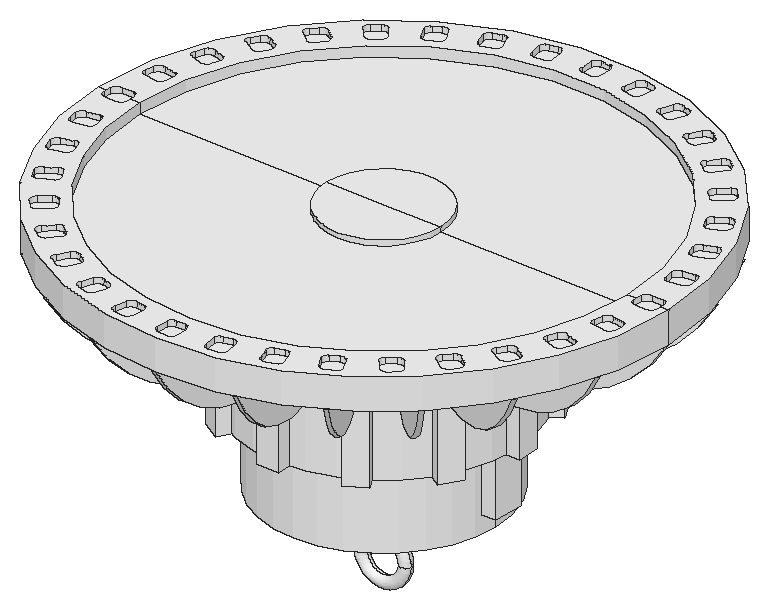
Revit family "CRB", category Lighting Fixtures, host Face, Revit 2021
Family settings
  Host = Face
  Round Connector Dimension = Use Diameter
  Part Type = Normal
  OmniClass Number = 23.80.70.11.14.11
  OmniClass Title = Downlights
  Cut with Voids When Loaded = No
  Light Source = No
  Shared = Yes
  Room Calculation Point = No
Parameters (values of type "CRB-40MX")
  Product Category = "High Bay/Low Bay"  # constant formula
  Surface Width [instance] = 3.65"
  Warranty = "5-Years Warranty"  # constant formula
  Voltage = 120 V
  Type Comments = "Lighting Fixture"  # constant formula
  Product Page URL = ""
  Product Documentation Link = ""
  Power Factor = 1
  Photometric Notes = "For more Photometric files please refer to the website"  # constant formula
  Wattage Comments = ""
  URL = "https://www.currentlighting.com/columbia"
  Mounting = "Pendant/Yoke Mount/ Suspended"  # constant formula
  Model = "Wer Location High Bay"  # constant formula
  Manufacturer = "Columbia Lighting"  # constant formula
  MX = yes
  MV = no
  Load Classification = Lighting
  Lamp = "LED"  # constant formula
  LX = no
  LED = LED - Material
  Glass = Glass - White
  Features = "• Compact wet location high bay\r\n• IP66 rated\r\n• Efficacy up to 143 lumens per watt\r\n• Durable die-cast aluminum housing and polycarbonate lens\r\n• Lumen packages from 14,000–34,000\r\n• 4000K and 5000K options and 80 CRI\r\n• -30°C to 50°C ambient operating temperature range"  # constant formula
  Dimming Protocol = "0-10V"  # constant formula
  Dia = 14.00"
  Description = "The CRB is a compact wet location high bay suitable for a variety of areas including warehouses, gyms, covered outdoor areas, garden centers, and mezzanines."  # constant formula
  Default Elevation = 48.00"
  Copyright = "Copyright © Columbia Lighting "  # constant formula
  Controls = "Occupancy & Photocell"  # constant formula
  Contact Us = ""
  Color Rendering Inde (CRI) = "80"  # constant formula
  Certification = "All luminaires are built to UL1598 standards, and bear appropriate\r\ncULus labels for wet location/IP65"  # constant formula
  Housing Material = Paint - White
  Assembly Code = "D5020200"
  Application = "Industrial/Warehouse/Mezzanine/Garden Center/Big Box Retail/Auditorium/Gymnasium"  # constant formula
  Apparent Load = 0 VA
Reference planes (in)
  plane 1 "Center (Front/Back)": y = 8.62124
  plane 2: z = 0
  plane 3 "Center (Left/Right)": x = 0
  plane 4: z = 8.54
  plane 5: x = -7
  plane 6: x = 7
  plane 7: y = 1.62124
  plane 8: y = 15.62124
Dimensions and locks (in)
  plane 4 to plane 2 = 8.54"
  "Dia": plane 6 to plane 5
  equal spacing: plane 6, plane 3 "Center (Left/Right)", plane 5
  equal spacing: plane 8, plane 1 "Center (Front/Back)", plane 7
  "Dia": plane 8 to plane 7
  aligned and locked: plane 2 to host face
  aligned and locked: level to host face
  aligned and locked: plane 3 "Center (Left/Right)" to nested 1
  aligned and locked: plane 1 "Center (Front/Back)" to nested 1
  aligned and locked: plane 1 "Center (Front/Back)" to nested 2
  aligned and locked: plane 3 "Center (Left/Right)" to nested 3
  aligned and locked: plane 1 "Center (Front/Back)" to nested 3
Automatic sketch dimensions
  host sketch curve to host sketch curve = 96.00"  (x2)
Nested families (in)
  nested 1: "MX" at (0, 8.62124, 0), visible <- "MX", type "MX1"
  nested 2: "MV" at (-0.01736, 8.62124, 0), visible <- "MV", type "MV1"
  nested 3: "LX" at (0, 8.62124, -0.75), visible <- "LX", type "LX1"
Connectors (in)
  electrical at (-0.0111, 8.64272, 2.27766), driven by "Power Factor", driven by "Apparent Load", driven by "Voltage", driven by "Load Classification"
    settings: on nested 1, index 1, voltage 120 V, apparent load 0 VA, apparent load phase1 0 VA, apparent load phase2 0 VA, apparent load phase3 0 VA, power factor 1, load classification "Lighting", number of poles 1, system type 30, power factor state 1, is connector primary yes, connector utility no, sub classification motor no, connector description "Lighting Connector"
Definition of nested family "MX"
  Parameters
    Wattage = 9.2903 W
    built-in parameter 1150110 = 1 (stored number, unit not read)
    built-in parameter 1114217 = 1 (stored number, unit not read)
    Tilt Angle = -90.00°
    built-in parameter 1150109 = 1 (stored number, unit not read)
    built-in parameter 1150134 = 3
    built-in parameter 1150113 = 1 (stored number, unit not read)
    Photometric Web File = "CRB-40MX-EDU.ies"
    built-in parameter 1150105 = 109.82 (stored number, unit not read)
    Lumens = 1380 lm
    built-in parameter 1150115 = 1 (stored number, unit not read)
    built-in parameter 1150137 = (empty or 0)
    built-in parameter 1150139 = (empty or 0)
    built-in parameter 1150112 = 1 (stored number, unit not read)
    built-in parameter 1150114 = 1 (stored number, unit not read)
    built-in parameter 1150132 = (empty or 0)
    built-in parameter 1150102 = (empty or 0)
    built-in parameter 1150107 = 3200 (stored number, unit not read)
    built-in parameter 1150138 = (empty or 0)
    built-in parameter 1150106 = 1.0982 (stored number, unit not read)
    Housing Material = none
    built-in parameter 1150104 = 13.8 (stored number, unit not read)
    Dimming Lamp Color Temperature Shift = (empty or 0)
    Default Elevation = 0.00"
    Color Filter = 16777215
    built-in parameter 1114218 = 1 (stored number, unit not read)
    built-in parameter 1150133 = 10 (stored number, unit not read)
  Reference planes (in)
    plane 1 "Center (Front/Back)": y = 0
    plane 2: z = 0
    plane 3 "Center (Left/Right)": x = 0
  Forms (in)
    Revolve 1, solid, material <- "Housing Material"
      sketch origin (-0.0111, -8.59976, 0.66852) x (1, 0, 0) y (0, 1, 0)
        loop
          circle (0.54012, 8.62124) r 0.1406
        axis (0, 8.62124) -> (0, 8.58187)
      angle from 0 to 360
    Revolve 2, solid, material <- "Housing Material"
      sketch origin (-0.0111, 0.02148, 0) x (1, 0, 0) y (0, 0, 1)
        loop
          line (0, 7.79) -> (7, 7.79) -> (7, 8.54) -> (6, 8.54) -> (6, 8.29) -> (1.40117, 8.29) -> (1.40117, 8.41275) -> (0, 8.41275) -> (0, 8.29) -> (0, 7.79)
        axis (0, 8.54) -> (0, 7.79)
      angle from 0 to 360
    Extrusion 3, solid, material <- "Housing Material"
      sketch origin (-0.0111, -8.59976, 0) x (0, 1, 0) y (0, 0, 1)
        loop
          line (5.49624, 7.29) -> (5.4141, 7.29)
          arc (5.4141, 7.29) -> (3.9671, 7.41595) -> (2.56362, 7.79) r 8.37521
          line (2.56362, 7.79) -> (1.62124, 7.79)
          arc (1.62124, 7.79) -> (3.272, 6.27813) -> (5.49624, 6.0261) r 3.61991
          line (5.49624, 6.0261) -> (5.49624, 7.29)
      from -0.1 to 0
    Extrusion 4, solid, material <- "Housing Material"
      sketch origin (2.22024, -8.306, 0) x (-0.258819, 0.965926, 0) y (0, 0, 1)
        loop
          line (5.49624, 7.29) -> (5.4141, 7.29)
          arc (5.4141, 7.29) -> (3.9671, 7.41595) -> (2.56362, 7.79) r 8.37521
          line (2.56362, 7.79) -> (1.62124, 7.79)
          arc (1.62124, 7.79) -> (3.272, 6.27813) -> (5.49624, 6.0261) r 3.61991
          line (5.49624, 6.0261) -> (5.49624, 7.29)
      from -0.1 to 0
    Extrusion 5, solid, material <- "Housing Material"
      sketch origin (4.29952, -7.44473, 0) x (-0.5, 0.866025, 0) y (0, 0, 1)
        loop
          line (5.49624, 7.29) -> (5.4141, 7.29)
          arc (5.4141, 7.29) -> (3.9671, 7.41595) -> (2.56362, 7.79) r 8.37521
          line (2.56362, 7.79) -> (1.62124, 7.79)
          arc (1.62124, 7.79) -> (3.272, 6.27813) -> (5.49624, 6.0261) r 3.61991
          line (5.49624, 6.0261) -> (5.49624, 7.29)
      from -0.1 to 0
    Extrusion 6, solid, material <- "Housing Material"
      sketch origin (6.08504, -6.07466, 0) x (-0.707107, 0.707107, 0) y (0, 0, 1)
        loop
          line (5.49624, 7.29) -> (5.4141, 7.29)
          arc (5.4141, 7.29) -> (3.9671, 7.41595) -> (2.56362, 7.79) r 8.37521
          line (2.56362, 7.79) -> (1.62124, 7.79)
          arc (1.62124, 7.79) -> (3.272, 6.27813) -> (5.49624, 6.0261) r 3.61991
          line (5.49624, 6.0261) -> (5.49624, 7.29)
      from -0.1 to 0
    Extrusion 7, solid, material <- "Housing Material"
      sketch origin (6.08504, -6.07466, 0) x (-0.707107, 0.707107, 0) y (0, 0, 1)
        loop
          line (5.49624, 7.29) -> (5.4141, 7.29)
          arc (5.4141, 7.29) -> (3.9671, 7.41595) -> (2.56362, 7.79) r 8.37521
          line (2.56362, 7.79) -> (1.62124, 7.79)
          arc (1.62124, 7.79) -> (3.272, 6.27813) -> (5.49624, 6.0261) r 3.61991
          line (5.49624, 6.0261) -> (5.49624, 7.29)
      from -0.1 to 0
    Extrusion 8, solid, material <- "Housing Material"
      sketch origin (7.45511, -4.28914, 0) x (-0.866025, 0.5, 0) y (0, 0, 1)
        loop
          line (5.49624, 7.29) -> (5.4141, 7.29)
          arc (5.4141, 7.29) -> (3.9671, 7.41595) -> (2.56362, 7.79) r 8.37521
          line (2.56362, 7.79) -> (1.62124, 7.79)
          arc (1.62124, 7.79) -> (3.272, 6.27813) -> (5.49624, 6.0261) r 3.61991
          line (5.49624, 6.0261) -> (5.49624, 7.29)
      from -0.1 to 0
    Extrusion 9, solid, material <- "Housing Material"
      sketch origin (8.31638, -2.20986, 0) x (-0.965926, 0.258819, 0) y (0, 0, 1)
        loop
          line (5.49624, 7.29) -> (5.4141, 7.29)
          arc (5.4141, 7.29) -> (3.9671, 7.41595) -> (2.56362, 7.79) r 8.37521
          line (2.56362, 7.79) -> (1.62124, 7.79)
          arc (1.62124, 7.79) -> (3.272, 6.27813) -> (5.49624, 6.0261) r 3.61991
          line (5.49624, 6.0261) -> (5.49624, 7.29)
      from -0.1 to 0
    Extrusion 10, solid, material <- "Housing Material"
      sketch origin (8.61014, 0.02148, 0) x (-1, 0, 0) y (0, 0, 1)
        loop
          line (5.49624, 7.29) -> (5.4141, 7.29)
          arc (5.4141, 7.29) -> (3.9671, 7.41595) -> (2.56362, 7.79) r 8.37521
          line (2.56362, 7.79) -> (1.62124, 7.79)
          arc (1.62124, 7.79) -> (3.272, 6.27813) -> (5.49624, 6.0261) r 3.61991
          line (5.49624, 6.0261) -> (5.49624, 7.29)
      from -0.1 to 0
    Extrusion 11, solid, material <- "Housing Material"
      sketch origin (8.61014, 0.02148, 0) x (-1, 0, 0) y (0, 0, 1)
        loop
          line (5.49624, 7.29) -> (5.4141, 7.29)
          arc (5.4141, 7.29) -> (3.9671, 7.41595) -> (2.56362, 7.79) r 8.37521
          line (2.56362, 7.79) -> (1.62124, 7.79)
          arc (1.62124, 7.79) -> (3.272, 6.27813) -> (5.49624, 6.0261) r 3.61991
          line (5.49624, 6.0261) -> (5.49624, 7.29)
      from -0.1 to 0
    Extrusion 12, solid, material <- "Housing Material"
      sketch origin (8.31638, 2.25282, 0) x (-0.965926, -0.258819, 0) y (0, 0, 1)
        loop
          line (5.49624, 7.29) -> (5.4141, 7.29)
          arc (5.4141, 7.29) -> (3.9671, 7.41595) -> (2.56362, 7.79) r 8.37521
          line (2.56362, 7.79) -> (1.62124, 7.79)
          arc (1.62124, 7.79) -> (3.272, 6.27813) -> (5.49624, 6.0261) r 3.61991
          line (5.49624, 6.0261) -> (5.49624, 7.29)
      from -0.1 to 0
    Extrusion 13, solid, material <- "Housing Material"
      sketch origin (7.45511, 4.3321, 0) x (-0.866025, -0.5, 0) y (0, 0, 1)
        loop
          line (5.49624, 7.29) -> (5.4141, 7.29)
          arc (5.4141, 7.29) -> (3.9671, 7.41595) -> (2.56362, 7.79) r 8.37521
          line (2.56362, 7.79) -> (1.62124, 7.79)
          arc (1.62124, 7.79) -> (3.272, 6.27813) -> (5.49624, 6.0261) r 3.61991
          line (5.49624, 6.0261) -> (5.49624, 7.29)
      from -0.1 to 0
    Extrusion 14, solid, material <- "Housing Material"
      sketch origin (6.08504, 6.11761, 0) x (-0.707107, -0.707107, 0) y (0, 0, 1)
        loop
          line (5.49624, 7.29) -> (5.4141, 7.29)
          arc (5.4141, 7.29) -> (3.9671, 7.41595) -> (2.56362, 7.79) r 8.37521
          line (2.56362, 7.79) -> (1.62124, 7.79)
          arc (1.62124, 7.79) -> (3.272, 6.27813) -> (5.49624, 6.0261) r 3.61991
          line (5.49624, 6.0261) -> (5.49624, 7.29)
      from -0.1 to 0
    Extrusion 15, solid, material <- "Housing Material"
      sketch origin (6.08504, 6.11761, 0) x (-0.707107, -0.707107, 0) y (0, 0, 1)
        loop
          line (5.49624, 7.29) -> (5.4141, 7.29)
          arc (5.4141, 7.29) -> (3.9671, 7.41595) -> (2.56362, 7.79) r 8.37521
          line (2.56362, 7.79) -> (1.62124, 7.79)
          arc (1.62124, 7.79) -> (3.272, 6.27813) -> (5.49624, 6.0261) r 3.61991
          line (5.49624, 6.0261) -> (5.49624, 7.29)
      from -0.1 to 0
    Extrusion 16, solid, material <- "Housing Material"
      sketch origin (4.29952, 7.48769, 0) x (-0.5, -0.866025, 0) y (0, 0, 1)
        loop
          line (5.49624, 7.29) -> (5.4141, 7.29)
          arc (5.4141, 7.29) -> (3.9671, 7.41595) -> (2.56362, 7.79) r 8.37521
          line (2.56362, 7.79) -> (1.62124, 7.79)
          arc (1.62124, 7.79) -> (3.272, 6.27813) -> (5.49624, 6.0261) r 3.61991
          line (5.49624, 6.0261) -> (5.49624, 7.29)
      from -0.1 to 0
    Extrusion 17, solid, material <- "Housing Material"
      sketch origin (2.22024, 8.34895, 0) x (-0.258819, -0.965926, 0) y (0, 0, 1)
        loop
          line (5.49624, 7.29) -> (5.4141, 7.29)
          arc (5.4141, 7.29) -> (3.9671, 7.41595) -> (2.56362, 7.79) r 8.37521
          line (2.56362, 7.79) -> (1.62124, 7.79)
          arc (1.62124, 7.79) -> (3.272, 6.27813) -> (5.49624, 6.0261) r 3.61991
          line (5.49624, 6.0261) -> (5.49624, 7.29)
      from -0.1 to 0
    Extrusion 18, solid, material <- "Housing Material"
      sketch origin (-0.0111, 8.64272, 0) x (0, -1, 0) y (0, 0, 1)
        loop
          line (5.49624, 7.29) -> (5.4141, 7.29)
          arc (5.4141, 7.29) -> (3.9671, 7.41595) -> (2.56362, 7.79) r 8.37521
          line (2.56362, 7.79) -> (1.62124, 7.79)
          arc (1.62124, 7.79) -> (3.272, 6.27813) -> (5.49624, 6.0261) r 3.61991
          line (5.49624, 6.0261) -> (5.49624, 7.29)
      from -0.1 to 0
    Extrusion 19, solid, material <- "Housing Material"
      sketch origin (-2.24244, -8.306, 0) x (0.258819, 0.965926, 0) y (0, 0, -1)
        loop
          line (5.49624, -7.29) -> (5.49624, -6.0261)
          arc (5.49624, -6.0261) -> (3.272, -6.27813) -> (1.62124, -7.79) r 3.61991
          line (1.62124, -7.79) -> (2.56362, -7.79)
          arc (2.56362, -7.79) -> (3.9671, -7.41595) -> (5.4141, -7.29) r 8.37521
          line (5.4141, -7.29) -> (5.49624, -7.29)
      from -0.1 to 0
    Extrusion 20, solid, material <- "Housing Material"
      sketch origin (-4.32172, -7.44473, 0) x (0.5, 0.866025, 0) y (0, 0, -1)
        loop
          line (5.49624, -7.29) -> (5.49624, -6.0261)
          arc (5.49624, -6.0261) -> (3.272, -6.27813) -> (1.62124, -7.79) r 3.61991
          line (1.62124, -7.79) -> (2.56362, -7.79)
          arc (2.56362, -7.79) -> (3.9671, -7.41595) -> (5.4141, -7.29) r 8.37521
          line (5.4141, -7.29) -> (5.49624, -7.29)
      from -0.1 to 0
    Extrusion 21, solid, material <- "Housing Material"
      sketch origin (-6.10723, -6.07466, 0) x (0.707107, 0.707107, 0) y (0, 0, -1)
        loop
          line (5.49624, -7.29) -> (5.49624, -6.0261)
          arc (5.49624, -6.0261) -> (3.272, -6.27813) -> (1.62124, -7.79) r 3.61991
          line (1.62124, -7.79) -> (2.56362, -7.79)
          arc (2.56362, -7.79) -> (3.9671, -7.41595) -> (5.4141, -7.29) r 8.37521
          line (5.4141, -7.29) -> (5.49624, -7.29)
      from -0.1 to 0
    Extrusion 22, solid, material <- "Housing Material"
      sketch origin (-6.10723, -6.07466, 0) x (0.707107, 0.707107, 0) y (0, 0, -1)
        loop
          line (5.49624, -7.29) -> (5.49624, -6.0261)
          arc (5.49624, -6.0261) -> (3.272, -6.27813) -> (1.62124, -7.79) r 3.61991
          line (1.62124, -7.79) -> (2.56362, -7.79)
          arc (2.56362, -7.79) -> (3.9671, -7.41595) -> (5.4141, -7.29) r 8.37521
          line (5.4141, -7.29) -> (5.49624, -7.29)
      from -0.1 to 0
    Extrusion 23, solid, material <- "Housing Material"
      sketch origin (-7.47731, -4.28914, 0) x (0.866025, 0.5, 0) y (0, 0, -1)
        loop
          line (5.49624, -7.29) -> (5.49624, -6.0261)
          arc (5.49624, -6.0261) -> (3.272, -6.27813) -> (1.62124, -7.79) r 3.61991
          line (1.62124, -7.79) -> (2.56362, -7.79)
          arc (2.56362, -7.79) -> (3.9671, -7.41595) -> (5.4141, -7.29) r 8.37521
          line (5.4141, -7.29) -> (5.49624, -7.29)
      from -0.1 to 0
    Extrusion 24, solid, material <- "Housing Material"
      sketch origin (-8.33857, -2.20986, 0) x (0.965926, 0.258819, 0) y (0, 0, -1)
        loop
          line (5.49624, -7.29) -> (5.49624, -6.0261)
          arc (5.49624, -6.0261) -> (3.272, -6.27813) -> (1.62124, -7.79) r 3.61991
          line (1.62124, -7.79) -> (2.56362, -7.79)
          arc (2.56362, -7.79) -> (3.9671, -7.41595) -> (5.4141, -7.29) r 8.37521
          line (5.4141, -7.29) -> (5.49624, -7.29)
      from -0.1 to 0
    Extrusion 25, solid, material <- "Housing Material"
      sketch origin (-8.63233, 0.02148, 0) x (1, 0, 0) y (0, 0, -1)
        loop
          line (5.49624, -7.29) -> (5.49624, -6.0261)
          arc (5.49624, -6.0261) -> (3.272, -6.27813) -> (1.62124, -7.79) r 3.61991
          line (1.62124, -7.79) -> (2.56362, -7.79)
          arc (2.56362, -7.79) -> (3.9671, -7.41595) -> (5.4141, -7.29) r 8.37521
          line (5.4141, -7.29) -> (5.49624, -7.29)
      from -0.1 to 0
    Extrusion 26, solid, material <- "Housing Material"
      sketch origin (-8.63233, 0.02148, 0) x (1, 0, 0) y (0, 0, -1)
        loop
          line (5.49624, -7.29) -> (5.49624, -6.0261)
          arc (5.49624, -6.0261) -> (3.272, -6.27813) -> (1.62124, -7.79) r 3.61991
          line (1.62124, -7.79) -> (2.56362, -7.79)
          arc (2.56362, -7.79) -> (3.9671, -7.41595) -> (5.4141, -7.29) r 8.37521
          line (5.4141, -7.29) -> (5.49624, -7.29)
      from -0.1 to 0
    Extrusion 27, solid, material <- "Housing Material"
      sketch origin (-8.33857, 2.25282, 0) x (0.965926, -0.258819, 0) y (0, 0, -1)
        loop
          line (5.49624, -7.29) -> (5.49624, -6.0261)
          arc (5.49624, -6.0261) -> (3.272, -6.27813) -> (1.62124, -7.79) r 3.61991
          line (1.62124, -7.79) -> (2.56362, -7.79)
          arc (2.56362, -7.79) -> (3.9671, -7.41595) -> (5.4141, -7.29) r 8.37521
          line (5.4141, -7.29) -> (5.49624, -7.29)
      from -0.1 to 0
    Extrusion 28, solid, material <- "Housing Material"
      sketch origin (-7.47731, 4.3321, 0) x (0.866025, -0.5, 0) y (0, 0, -1)
        loop
          line (5.49624, -7.29) -> (5.49624, -6.0261)
          arc (5.49624, -6.0261) -> (3.272, -6.27813) -> (1.62124, -7.79) r 3.61991
          line (1.62124, -7.79) -> (2.56362, -7.79)
          arc (2.56362, -7.79) -> (3.9671, -7.41595) -> (5.4141, -7.29) r 8.37521
          line (5.4141, -7.29) -> (5.49624, -7.29)
      from -0.1 to 0
    Extrusion 29, solid, material <- "Housing Material"
      sketch origin (-6.10723, 6.11761, 0) x (0.707107, -0.707107, 0) y (0, 0, -1)
        loop
          line (5.49624, -7.29) -> (5.49624, -6.0261)
          arc (5.49624, -6.0261) -> (3.272, -6.27813) -> (1.62124, -7.79) r 3.61991
          line (1.62124, -7.79) -> (2.56362, -7.79)
          arc (2.56362, -7.79) -> (3.9671, -7.41595) -> (5.4141, -7.29) r 8.37521
          line (5.4141, -7.29) -> (5.49624, -7.29)
      from -0.1 to 0
    Extrusion 30, solid, material <- "Housing Material"
      sketch origin (-6.10723, 6.11761, 0) x (0.707107, -0.707107, 0) y (0, 0, -1)
        loop
          line (5.49624, -7.29) -> (5.49624, -6.0261)
          arc (5.49624, -6.0261) -> (3.272, -6.27813) -> (1.62124, -7.79) r 3.61991
          line (1.62124, -7.79) -> (2.56362, -7.79)
          arc (2.56362, -7.79) -> (3.9671, -7.41595) -> (5.4141, -7.29) r 8.37521
          line (5.4141, -7.29) -> (5.49624, -7.29)
      from -0.1 to 0
    Extrusion 31, solid, material <- "Housing Material"
      sketch origin (-4.32172, 7.48769, 0) x (0.5, -0.866025, 0) y (0, 0, -1)
        loop
          line (5.49624, -7.29) -> (5.49624, -6.0261)
          arc (5.49624, -6.0261) -> (3.272, -6.27813) -> (1.62124, -7.79) r 3.61991
          line (1.62124, -7.79) -> (2.56362, -7.79)
          arc (2.56362, -7.79) -> (3.9671, -7.41595) -> (5.4141, -7.29) r 8.37521
          line (5.4141, -7.29) -> (5.49624, -7.29)
      from -0.1 to 0
    Extrusion 32, solid, material <- "Housing Material"
      sketch origin (-2.24244, 8.34895, 0) x (0.258819, -0.965926, 0) y (0, 0, -1)
        loop
          line (5.49624, -7.29) -> (5.49624, -6.0261)
          arc (5.49624, -6.0261) -> (3.272, -6.27813) -> (1.62124, -7.79) r 3.61991
          line (1.62124, -7.79) -> (2.56362, -7.79)
          arc (2.56362, -7.79) -> (3.9671, -7.41595) -> (5.4141, -7.29) r 8.37521
          line (5.4141, -7.29) -> (5.49624, -7.29)
      from -0.1 to 0
    Revolve 33, solid, material <- "Housing Material"
      sketch origin (-0.0111, 0.02148, 0) x (1, 0, 0) y (0, 0, 1)
        loop
          line (0, 1.06954) -> (0.23886, 1.06954) -> (0.5, 1.52186) -> (0.5, 2.27766) -> (2.75, 2.27766) -> (2.75, 4.16254) -> (3.25, 4.16254) -> (3.25, 7.75) -> (0, 7.75) -> (0, 1.06954)
        axis (0, 7.75) -> (0, 1.06954)
      angle from 0 to 360
    Extrusion 34, void
      sketch origin (-0.0111, -8.59976, 0) x (1, 0, 0) y (0, 1, 0)
        loop
          arc (-0.12065, 2.39636) -> (-0.21391, 2.35773) -> (-0.25254, 2.26447) r 0.13189
          line (-0.25254, 2.26447) -> (-0.25254, 1.97534)
          arc (-0.25254, 1.97534) -> (-0.20608, 1.86318) -> (-0.09392, 1.81672) r 0.15862
          line (-0.09392, 1.81672) -> (0.10853, 1.81672)
          arc (0.10853, 1.81672) -> (0.20677, 1.85741) -> (0.24746, 1.95565) r 0.13893
          line (0.24746, 1.95565) -> (0.24746, 2.24592)
          arc (0.24746, 2.24592) -> (0.20339, 2.3523) -> (0.09701, 2.39636) r 0.15044
          line (0.09701, 2.39636) -> (-0.12065, 2.39636)
      from 8.41275 to 8.54
    Extrusion 35, void
      sketch origin (1.48596, -8.46878, 0) x (0.984808, 0.173648, 0) y (-0.173648, 0.984808, 0)
        loop
          arc (-0.12065, 2.39636) -> (-0.21391, 2.35773) -> (-0.25254, 2.26447) r 0.13189
          line (-0.25254, 2.26447) -> (-0.25254, 1.97534)
          arc (-0.25254, 1.97534) -> (-0.20608, 1.86318) -> (-0.09392, 1.81672) r 0.15862
          line (-0.09392, 1.81672) -> (0.10853, 1.81672)
          arc (0.10853, 1.81672) -> (0.20677, 1.85741) -> (0.24746, 1.95565) r 0.13893
          line (0.24746, 1.95565) -> (0.24746, 2.24592)
          arc (0.24746, 2.24592) -> (0.20339, 2.3523) -> (0.09701, 2.39636) r 0.15044
          line (0.09701, 2.39636) -> (-0.12065, 2.39636)
      from 8.41275 to 8.54
    Extrusion 36, void
      sketch origin (2.93754, -8.07983, 0) x (0.939693, 0.34202, 0) y (-0.34202, 0.939693, 0)
        loop
          arc (-0.12065, 2.39636) -> (-0.21391, 2.35773) -> (-0.25254, 2.26447) r 0.13189
          line (-0.25254, 2.26447) -> (-0.25254, 1.97534)
          arc (-0.25254, 1.97534) -> (-0.20608, 1.86318) -> (-0.09392, 1.81672) r 0.15862
          line (-0.09392, 1.81672) -> (0.10853, 1.81672)
          arc (0.10853, 1.81672) -> (0.20677, 1.85741) -> (0.24746, 1.95565) r 0.13893
          line (0.24746, 1.95565) -> (0.24746, 2.24592)
          arc (0.24746, 2.24592) -> (0.20339, 2.3523) -> (0.09701, 2.39636) r 0.15044
          line (0.09701, 2.39636) -> (-0.12065, 2.39636)
      from 8.41275 to 8.54
    Extrusion 37, void
      sketch origin (4.29952, -7.44473, 0) x (0.866025, 0.5, 0) y (-0.5, 0.866025, 0)
        loop
          arc (-0.12065, 2.39636) -> (-0.21391, 2.35773) -> (-0.25254, 2.26447) r 0.13189
          line (-0.25254, 2.26447) -> (-0.25254, 1.97534)
          arc (-0.25254, 1.97534) -> (-0.20608, 1.86318) -> (-0.09392, 1.81672) r 0.15862
          line (-0.09392, 1.81672) -> (0.10853, 1.81672)
          arc (0.10853, 1.81672) -> (0.20677, 1.85741) -> (0.24746, 1.95565) r 0.13893
          line (0.24746, 1.95565) -> (0.24746, 2.24592)
          arc (0.24746, 2.24592) -> (0.20339, 2.3523) -> (0.09701, 2.39636) r 0.15044
          line (0.09701, 2.39636) -> (-0.12065, 2.39636)
      from 8.41275 to 8.54
    Extrusion 38, void
      sketch origin (5.53053, -6.58277, 0) x (0.766044, 0.642788, 0) y (-0.642788, 0.766044, 0)
        loop
          arc (-0.12065, 2.39636) -> (-0.21391, 2.35773) -> (-0.25254, 2.26447) r 0.13189
          line (-0.25254, 2.26447) -> (-0.25254, 1.97534)
          arc (-0.25254, 1.97534) -> (-0.20608, 1.86318) -> (-0.09392, 1.81672) r 0.15862
          line (-0.09392, 1.81672) -> (0.10853, 1.81672)
          arc (0.10853, 1.81672) -> (0.20677, 1.85741) -> (0.24746, 1.95565) r 0.13893
          line (0.24746, 1.95565) -> (0.24746, 2.24592)
          arc (0.24746, 2.24592) -> (0.20339, 2.3523) -> (0.09701, 2.39636) r 0.15044
          line (0.09701, 2.39636) -> (-0.12065, 2.39636)
      from 8.41275 to 8.54
    Extrusion 39, void
      sketch origin (6.59315, -5.52014, 0) x (0.642788, 0.766044, 0) y (-0.766044, 0.642788, 0)
        loop
          arc (-0.12065, 2.39636) -> (-0.21391, 2.35773) -> (-0.25254, 2.26447) r 0.13189
          line (-0.25254, 2.26447) -> (-0.25254, 1.97534)
          arc (-0.25254, 1.97534) -> (-0.20608, 1.86318) -> (-0.09392, 1.81672) r 0.15862
          line (-0.09392, 1.81672) -> (0.10853, 1.81672)
          arc (0.10853, 1.81672) -> (0.20677, 1.85741) -> (0.24746, 1.95565) r 0.13893
          line (0.24746, 1.95565) -> (0.24746, 2.24592)
          arc (0.24746, 2.24592) -> (0.20339, 2.3523) -> (0.09701, 2.39636) r 0.15044
          line (0.09701, 2.39636) -> (-0.12065, 2.39636)
      from 8.41275 to 8.54
    Extrusion 40, void
      sketch origin (7.45511, -4.28914, 0) x (0.5, 0.866025, 0) y (-0.866025, 0.5, 0)
        loop
          arc (-0.12065, 2.39636) -> (-0.21391, 2.35773) -> (-0.25254, 2.26447) r 0.13189
          line (-0.25254, 2.26447) -> (-0.25254, 1.97534)
          arc (-0.25254, 1.97534) -> (-0.20608, 1.86318) -> (-0.09392, 1.81672) r 0.15862
          line (-0.09392, 1.81672) -> (0.10853, 1.81672)
          arc (0.10853, 1.81672) -> (0.20677, 1.85741) -> (0.24746, 1.95565) r 0.13893
          line (0.24746, 1.95565) -> (0.24746, 2.24592)
          arc (0.24746, 2.24592) -> (0.20339, 2.3523) -> (0.09701, 2.39636) r 0.15044
          line (0.09701, 2.39636) -> (-0.12065, 2.39636)
      from 8.41275 to 8.54
    Extrusion 41, void
      sketch origin (8.09021, -2.92716, 0) x (0.34202, 0.939693, 0) y (-0.939693, 0.34202, 0)
        loop
          arc (-0.12065, 2.39636) -> (-0.21391, 2.35773) -> (-0.25254, 2.26447) r 0.13189
          line (-0.25254, 2.26447) -> (-0.25254, 1.97534)
          arc (-0.25254, 1.97534) -> (-0.20608, 1.86318) -> (-0.09392, 1.81672) r 0.15862
          line (-0.09392, 1.81672) -> (0.10853, 1.81672)
          arc (0.10853, 1.81672) -> (0.20677, 1.85741) -> (0.24746, 1.95565) r 0.13893
          line (0.24746, 1.95565) -> (0.24746, 2.24592)
          arc (0.24746, 2.24592) -> (0.20339, 2.3523) -> (0.09701, 2.39636) r 0.15044
          line (0.09701, 2.39636) -> (-0.12065, 2.39636)
      from 8.41275 to 8.54
    Extrusion 42, void
      sketch origin (7.45511, -4.28914, 0) x (0.5, 0.866025, 0) y (-0.866025, 0.5, 0)
        loop
          arc (-0.12065, 2.39636) -> (-0.21391, 2.35773) -> (-0.25254, 2.26447) r 0.13189
          line (-0.25254, 2.26447) -> (-0.25254, 1.97534)
          arc (-0.25254, 1.97534) -> (-0.20608, 1.86318) -> (-0.09392, 1.81672) r 0.15862
          line (-0.09392, 1.81672) -> (0.10853, 1.81672)
          arc (0.10853, 1.81672) -> (0.20677, 1.85741) -> (0.24746, 1.95565) r 0.13893
          line (0.24746, 1.95565) -> (0.24746, 2.24592)
          arc (0.24746, 2.24592) -> (0.20339, 2.3523) -> (0.09701, 2.39636) r 0.15044
          line (0.09701, 2.39636) -> (-0.12065, 2.39636)
      from 8.41275 to 8.54
    Extrusion 43, void
      sketch origin (8.09021, -2.92716, 0) x (0.34202, 0.939693, 0) y (-0.939693, 0.34202, 0)
        loop
          arc (-0.12065, 2.39636) -> (-0.21391, 2.35773) -> (-0.25254, 2.26447) r 0.13189
          line (-0.25254, 2.26447) -> (-0.25254, 1.97534)
          arc (-0.25254, 1.97534) -> (-0.20608, 1.86318) -> (-0.09392, 1.81672) r 0.15862
          line (-0.09392, 1.81672) -> (0.10853, 1.81672)
          arc (0.10853, 1.81672) -> (0.20677, 1.85741) -> (0.24746, 1.95565) r 0.13893
          line (0.24746, 1.95565) -> (0.24746, 2.24592)
          arc (0.24746, 2.24592) -> (0.20339, 2.3523) -> (0.09701, 2.39636) r 0.15044
          line (0.09701, 2.39636) -> (-0.12065, 2.39636)
      from 8.41275 to 8.54
    Extrusion 44, void
      sketch origin (8.47916, -1.47558, 0) x (0.173648, 0.984808, 0) y (-0.984808, 0.173648, 0)
        loop
          arc (-0.12065, 2.39636) -> (-0.21391, 2.35773) -> (-0.25254, 2.26447) r 0.13189
          line (-0.25254, 2.26447) -> (-0.25254, 1.97534)
          arc (-0.25254, 1.97534) -> (-0.20608, 1.86318) -> (-0.09392, 1.81672) r 0.15862
          line (-0.09392, 1.81672) -> (0.10853, 1.81672)
          arc (0.10853, 1.81672) -> (0.20677, 1.85741) -> (0.24746, 1.95565) r 0.13893
          line (0.24746, 1.95565) -> (0.24746, 2.24592)
          arc (0.24746, 2.24592) -> (0.20339, 2.3523) -> (0.09701, 2.39636) r 0.15044
          line (0.09701, 2.39636) -> (-0.12065, 2.39636)
      from 8.41275 to 8.54
    Extrusion 45, void
      sketch origin (8.61014, 0.02148, 0) x (0, 1, 0) y (-1, 0, 0)
        loop
          arc (-0.12065, 2.39636) -> (-0.21391, 2.35773) -> (-0.25254, 2.26447) r 0.13189
          line (-0.25254, 2.26447) -> (-0.25254, 1.97534)
          arc (-0.25254, 1.97534) -> (-0.20608, 1.86318) -> (-0.09392, 1.81672) r 0.15862
          line (-0.09392, 1.81672) -> (0.10853, 1.81672)
          arc (0.10853, 1.81672) -> (0.20677, 1.85741) -> (0.24746, 1.95565) r 0.13893
          line (0.24746, 1.95565) -> (0.24746, 2.24592)
          arc (0.24746, 2.24592) -> (0.20339, 2.3523) -> (0.09701, 2.39636) r 0.15044
          line (0.09701, 2.39636) -> (-0.12065, 2.39636)
      from 8.41275 to 8.54
    Extrusion 46, void
      sketch origin (8.47916, 1.51854, 0) x (-0.173648, 0.984808, 0) y (-0.984808, -0.173648, 0)
        loop
          arc (-0.12065, 2.39636) -> (-0.21391, 2.35773) -> (-0.25254, 2.26447) r 0.13189
          line (-0.25254, 2.26447) -> (-0.25254, 1.97534)
          arc (-0.25254, 1.97534) -> (-0.20608, 1.86318) -> (-0.09392, 1.81672) r 0.15862
          line (-0.09392, 1.81672) -> (0.10853, 1.81672)
          arc (0.10853, 1.81672) -> (0.20677, 1.85741) -> (0.24746, 1.95565) r 0.13893
          line (0.24746, 1.95565) -> (0.24746, 2.24592)
          arc (0.24746, 2.24592) -> (0.20339, 2.3523) -> (0.09701, 2.39636) r 0.15044
          line (0.09701, 2.39636) -> (-0.12065, 2.39636)
      from 8.41275 to 8.54
    Extrusion 47, void
      sketch origin (8.09021, 2.97012, 0) x (-0.34202, 0.939693, 0) y (-0.939693, -0.34202, 0)
        loop
          arc (-0.12065, 2.39636) -> (-0.21391, 2.35773) -> (-0.25254, 2.26447) r 0.13189
          line (-0.25254, 2.26447) -> (-0.25254, 1.97534)
          arc (-0.25254, 1.97534) -> (-0.20608, 1.86318) -> (-0.09392, 1.81672) r 0.15862
          line (-0.09392, 1.81672) -> (0.10853, 1.81672)
          arc (0.10853, 1.81672) -> (0.20677, 1.85741) -> (0.24746, 1.95565) r 0.13893
          line (0.24746, 1.95565) -> (0.24746, 2.24592)
          arc (0.24746, 2.24592) -> (0.20339, 2.3523) -> (0.09701, 2.39636) r 0.15044
          line (0.09701, 2.39636) -> (-0.12065, 2.39636)
      from 8.41275 to 8.54
    Extrusion 48, void
      sketch origin (7.45511, 4.3321, 0) x (-0.5, 0.866025, 0) y (-0.866025, -0.5, 0)
        loop
          arc (-0.12065, 2.39636) -> (-0.21391, 2.35773) -> (-0.25254, 2.26447) r 0.13189
          line (-0.25254, 2.26447) -> (-0.25254, 1.97534)
          arc (-0.25254, 1.97534) -> (-0.20608, 1.86318) -> (-0.09392, 1.81672) r 0.15862
          line (-0.09392, 1.81672) -> (0.10853, 1.81672)
          arc (0.10853, 1.81672) -> (0.20677, 1.85741) -> (0.24746, 1.95565) r 0.13893
          line (0.24746, 1.95565) -> (0.24746, 2.24592)
          arc (0.24746, 2.24592) -> (0.20339, 2.3523) -> (0.09701, 2.39636) r 0.15044
          line (0.09701, 2.39636) -> (-0.12065, 2.39636)
      from 8.41275 to 8.54
    Extrusion 49, void
      sketch origin (6.59315, 5.5631, 0) x (-0.642788, 0.766044, 0) y (-0.766044, -0.642788, 0)
        loop
          arc (-0.12065, 2.39636) -> (-0.21391, 2.35773) -> (-0.25254, 2.26447) r 0.13189
          line (-0.25254, 2.26447) -> (-0.25254, 1.97534)
          arc (-0.25254, 1.97534) -> (-0.20608, 1.86318) -> (-0.09392, 1.81672) r 0.15862
          line (-0.09392, 1.81672) -> (0.10853, 1.81672)
          arc (0.10853, 1.81672) -> (0.20677, 1.85741) -> (0.24746, 1.95565) r 0.13893
          line (0.24746, 1.95565) -> (0.24746, 2.24592)
          arc (0.24746, 2.24592) -> (0.20339, 2.3523) -> (0.09701, 2.39636) r 0.15044
          line (0.09701, 2.39636) -> (-0.12065, 2.39636)
      from 8.41275 to 8.54
    Extrusion 50, void
      sketch origin (-0.0111, 8.64272, 0) x (-1, 0, 0) y (0, -1, 0)
        loop
          arc (-0.12065, 2.39636) -> (-0.21391, 2.35773) -> (-0.25254, 2.26447) r 0.13189
          line (-0.25254, 2.26447) -> (-0.25254, 1.97534)
          arc (-0.25254, 1.97534) -> (-0.20608, 1.86318) -> (-0.09392, 1.81672) r 0.15862
          line (-0.09392, 1.81672) -> (0.10853, 1.81672)
          arc (0.10853, 1.81672) -> (0.20677, 1.85741) -> (0.24746, 1.95565) r 0.13893
          line (0.24746, 1.95565) -> (0.24746, 2.24592)
          arc (0.24746, 2.24592) -> (0.20339, 2.3523) -> (0.09701, 2.39636) r 0.15044
          line (0.09701, 2.39636) -> (-0.12065, 2.39636)
      from 8.41275 to 8.54
    Extrusion 51, void
      sketch origin (-1.50816, 8.51174, 0) x (-0.984808, -0.173648, 0) y (0.173648, -0.984808, 0)
        loop
          arc (-0.12065, 2.39636) -> (-0.21391, 2.35773) -> (-0.25254, 2.26447) r 0.13189
          line (-0.25254, 2.26447) -> (-0.25254, 1.97534)
          arc (-0.25254, 1.97534) -> (-0.20608, 1.86318) -> (-0.09392, 1.81672) r 0.15862
          line (-0.09392, 1.81672) -> (0.10853, 1.81672)
          arc (0.10853, 1.81672) -> (0.20677, 1.85741) -> (0.24746, 1.95565) r 0.13893
          line (0.24746, 1.95565) -> (0.24746, 2.24592)
          arc (0.24746, 2.24592) -> (0.20339, 2.3523) -> (0.09701, 2.39636) r 0.15044
          line (0.09701, 2.39636) -> (-0.12065, 2.39636)
      from 8.41275 to 8.54
    Extrusion 52, void
      sketch origin (-2.95973, 8.12279, 0) x (-0.939693, -0.34202, 0) y (0.34202, -0.939693, 0)
        loop
          arc (-0.12065, 2.39636) -> (-0.21391, 2.35773) -> (-0.25254, 2.26447) r 0.13189
          line (-0.25254, 2.26447) -> (-0.25254, 1.97534)
          arc (-0.25254, 1.97534) -> (-0.20608, 1.86318) -> (-0.09392, 1.81672) r 0.15862
          line (-0.09392, 1.81672) -> (0.10853, 1.81672)
          arc (0.10853, 1.81672) -> (0.20677, 1.85741) -> (0.24746, 1.95565) r 0.13893
          line (0.24746, 1.95565) -> (0.24746, 2.24592)
          arc (0.24746, 2.24592) -> (0.20339, 2.3523) -> (0.09701, 2.39636) r 0.15044
          line (0.09701, 2.39636) -> (-0.12065, 2.39636)
      from 8.41275 to 8.54
    Extrusion 53, void
      sketch origin (-4.32172, 7.48769, 0) x (-0.866025, -0.5, 0) y (0.5, -0.866025, 0)
        loop
          arc (-0.12065, 2.39636) -> (-0.21391, 2.35773) -> (-0.25254, 2.26447) r 0.13189
          line (-0.25254, 2.26447) -> (-0.25254, 1.97534)
          arc (-0.25254, 1.97534) -> (-0.20608, 1.86318) -> (-0.09392, 1.81672) r 0.15862
          line (-0.09392, 1.81672) -> (0.10853, 1.81672)
          arc (0.10853, 1.81672) -> (0.20677, 1.85741) -> (0.24746, 1.95565) r 0.13893
          line (0.24746, 1.95565) -> (0.24746, 2.24592)
          arc (0.24746, 2.24592) -> (0.20339, 2.3523) -> (0.09701, 2.39636) r 0.15044
          line (0.09701, 2.39636) -> (-0.12065, 2.39636)
      from 8.41275 to 8.54
    Extrusion 54, void
      sketch origin (-5.55272, 6.62573, 0) x (-0.766044, -0.642788, 0) y (0.642788, -0.766044, 0)
        loop
          arc (-0.12065, 2.39636) -> (-0.21391, 2.35773) -> (-0.25254, 2.26447) r 0.13189
          line (-0.25254, 2.26447) -> (-0.25254, 1.97534)
          arc (-0.25254, 1.97534) -> (-0.20608, 1.86318) -> (-0.09392, 1.81672) r 0.15862
          line (-0.09392, 1.81672) -> (0.10853, 1.81672)
          arc (0.10853, 1.81672) -> (0.20677, 1.85741) -> (0.24746, 1.95565) r 0.13893
          line (0.24746, 1.95565) -> (0.24746, 2.24592)
          arc (0.24746, 2.24592) -> (0.20339, 2.3523) -> (0.09701, 2.39636) r 0.15044
          line (0.09701, 2.39636) -> (-0.12065, 2.39636)
      from 8.41275 to 8.54
    Extrusion 55, void
      sketch origin (-6.61535, 5.5631, 0) x (-0.642788, -0.766044, 0) y (0.766044, -0.642788, 0)
        loop
          arc (-0.12065, 2.39636) -> (-0.21391, 2.35773) -> (-0.25254, 2.26447) r 0.13189
          line (-0.25254, 2.26447) -> (-0.25254, 1.97534)
          arc (-0.25254, 1.97534) -> (-0.20608, 1.86318) -> (-0.09392, 1.81672) r 0.15862
          line (-0.09392, 1.81672) -> (0.10853, 1.81672)
          arc (0.10853, 1.81672) -> (0.20677, 1.85741) -> (0.24746, 1.95565) r 0.13893
          line (0.24746, 1.95565) -> (0.24746, 2.24592)
          arc (0.24746, 2.24592) -> (0.20339, 2.3523) -> (0.09701, 2.39636) r 0.15044
          line (0.09701, 2.39636) -> (-0.12065, 2.39636)
      from 8.41275 to 8.54
    Extrusion 56, void
      sketch origin (-7.47731, 4.3321, 0) x (-0.5, -0.866025, 0) y (0.866025, -0.5, 0)
        loop
          arc (-0.12065, 2.39636) -> (-0.21391, 2.35773) -> (-0.25254, 2.26447) r 0.13189
          line (-0.25254, 2.26447) -> (-0.25254, 1.97534)
          arc (-0.25254, 1.97534) -> (-0.20608, 1.86318) -> (-0.09392, 1.81672) r 0.15862
          line (-0.09392, 1.81672) -> (0.10853, 1.81672)
          arc (0.10853, 1.81672) -> (0.20677, 1.85741) -> (0.24746, 1.95565) r 0.13893
          line (0.24746, 1.95565) -> (0.24746, 2.24592)
          arc (0.24746, 2.24592) -> (0.20339, 2.3523) -> (0.09701, 2.39636) r 0.15044
          line (0.09701, 2.39636) -> (-0.12065, 2.39636)
      from 8.41275 to 8.54
    Extrusion 57, void
      sketch origin (-8.11241, 2.97012, 0) x (-0.34202, -0.939693, 0) y (0.939693, -0.34202, 0)
        loop
          arc (-0.12065, 2.39636) -> (-0.21391, 2.35773) -> (-0.25254, 2.26447) r 0.13189
          line (-0.25254, 2.26447) -> (-0.25254, 1.97534)
          arc (-0.25254, 1.97534) -> (-0.20608, 1.86318) -> (-0.09392, 1.81672) r 0.15862
          line (-0.09392, 1.81672) -> (0.10853, 1.81672)
          arc (0.10853, 1.81672) -> (0.20677, 1.85741) -> (0.24746, 1.95565) r 0.13893
          line (0.24746, 1.95565) -> (0.24746, 2.24592)
          arc (0.24746, 2.24592) -> (0.20339, 2.3523) -> (0.09701, 2.39636) r 0.15044
          line (0.09701, 2.39636) -> (-0.12065, 2.39636)
      from 8.41275 to 8.54
    Extrusion 58, void
      sketch origin (-8.50136, 1.51854, 0) x (-0.173648, -0.984808, 0) y (0.984808, -0.173648, 0)
        loop
          arc (-0.12065, 2.39636) -> (-0.21391, 2.35773) -> (-0.25254, 2.26447) r 0.13189
          line (-0.25254, 2.26447) -> (-0.25254, 1.97534)
          arc (-0.25254, 1.97534) -> (-0.20608, 1.86318) -> (-0.09392, 1.81672) r 0.15862
          line (-0.09392, 1.81672) -> (0.10853, 1.81672)
          arc (0.10853, 1.81672) -> (0.20677, 1.85741) -> (0.24746, 1.95565) r 0.13893
          line (0.24746, 1.95565) -> (0.24746, 2.24592)
          arc (0.24746, 2.24592) -> (0.20339, 2.3523) -> (0.09701, 2.39636) r 0.15044
          line (0.09701, 2.39636) -> (-0.12065, 2.39636)
      from 8.41275 to 8.54
    Extrusion 59, void
      sketch origin (-8.63233, 0.02148, 0) x (0, -1, 0) y (1, 0, 0)
        loop
          arc (-0.12065, 2.39636) -> (-0.21391, 2.35773) -> (-0.25254, 2.26447) r 0.13189
          line (-0.25254, 2.26447) -> (-0.25254, 1.97534)
          arc (-0.25254, 1.97534) -> (-0.20608, 1.86318) -> (-0.09392, 1.81672) r 0.15862
          line (-0.09392, 1.81672) -> (0.10853, 1.81672)
          arc (0.10853, 1.81672) -> (0.20677, 1.85741) -> (0.24746, 1.95565) r 0.13893
          line (0.24746, 1.95565) -> (0.24746, 2.24592)
          arc (0.24746, 2.24592) -> (0.20339, 2.3523) -> (0.09701, 2.39636) r 0.15044
          line (0.09701, 2.39636) -> (-0.12065, 2.39636)
      from 8.41275 to 8.54
    Extrusion 60, void
      sketch origin (-8.50136, -1.47558, 0) x (0.173648, -0.984808, 0) y (0.984808, 0.173648, 0)
        loop
          arc (-0.12065, 2.39636) -> (-0.21391, 2.35773) -> (-0.25254, 2.26447) r 0.13189
          line (-0.25254, 2.26447) -> (-0.25254, 1.97534)
          arc (-0.25254, 1.97534) -> (-0.20608, 1.86318) -> (-0.09392, 1.81672) r 0.15862
          line (-0.09392, 1.81672) -> (0.10853, 1.81672)
          arc (0.10853, 1.81672) -> (0.20677, 1.85741) -> (0.24746, 1.95565) r 0.13893
          line (0.24746, 1.95565) -> (0.24746, 2.24592)
          arc (0.24746, 2.24592) -> (0.20339, 2.3523) -> (0.09701, 2.39636) r 0.15044
          line (0.09701, 2.39636) -> (-0.12065, 2.39636)
      from 8.41275 to 8.54
    Extrusion 61, void
      sketch origin (-8.11241, -2.92716, 0) x (0.34202, -0.939693, 0) y (0.939693, 0.34202, 0)
        loop
          arc (-0.12065, 2.39636) -> (-0.21391, 2.35773) -> (-0.25254, 2.26447) r 0.13189
          line (-0.25254, 2.26447) -> (-0.25254, 1.97534)
          arc (-0.25254, 1.97534) -> (-0.20608, 1.86318) -> (-0.09392, 1.81672) r 0.15862
          line (-0.09392, 1.81672) -> (0.10853, 1.81672)
          arc (0.10853, 1.81672) -> (0.20677, 1.85741) -> (0.24746, 1.95565) r 0.13893
          line (0.24746, 1.95565) -> (0.24746, 2.24592)
          arc (0.24746, 2.24592) -> (0.20339, 2.3523) -> (0.09701, 2.39636) r 0.15044
          line (0.09701, 2.39636) -> (-0.12065, 2.39636)
      from 8.41275 to 8.54
    Extrusion 62, void
      sketch origin (-7.47731, -4.28914, 0) x (0.5, -0.866025, 0) y (0.866025, 0.5, 0)
        loop
          arc (-0.12065, 2.39636) -> (-0.21391, 2.35773) -> (-0.25254, 2.26447) r 0.13189
          line (-0.25254, 2.26447) -> (-0.25254, 1.97534)
          arc (-0.25254, 1.97534) -> (-0.20608, 1.86318) -> (-0.09392, 1.81672) r 0.15862
          line (-0.09392, 1.81672) -> (0.10853, 1.81672)
          arc (0.10853, 1.81672) -> (0.20677, 1.85741) -> (0.24746, 1.95565) r 0.13893
          line (0.24746, 1.95565) -> (0.24746, 2.24592)
          arc (0.24746, 2.24592) -> (0.20339, 2.3523) -> (0.09701, 2.39636) r 0.15044
          line (0.09701, 2.39636) -> (-0.12065, 2.39636)
      from 8.41275 to 8.54
    Extrusion 63, void
      sketch origin (-6.61535, -5.52014, 0) x (0.642788, -0.766044, 0) y (0.766044, 0.642788, 0)
        loop
          arc (-0.12065, 2.39636) -> (-0.21391, 2.35773) -> (-0.25254, 2.26447) r 0.13189
          line (-0.25254, 2.26447) -> (-0.25254, 1.97534)
          arc (-0.25254, 1.97534) -> (-0.20608, 1.86318) -> (-0.09392, 1.81672) r 0.15862
          line (-0.09392, 1.81672) -> (0.10853, 1.81672)
          arc (0.10853, 1.81672) -> (0.20677, 1.85741) -> (0.24746, 1.95565) r 0.13893
          line (0.24746, 1.95565) -> (0.24746, 2.24592)
          arc (0.24746, 2.24592) -> (0.20339, 2.3523) -> (0.09701, 2.39636) r 0.15044
          line (0.09701, 2.39636) -> (-0.12065, 2.39636)
      from 8.41275 to 8.54
    Extrusion 64, void
      sketch origin (1.48596, 8.51174, 0) x (0.984808, -0.173648, 0) y (0.173648, 0.984808, 0)
        loop
          line (-0.12065, -2.39636) -> (0.09701, -2.39636)
          arc (0.09701, -2.39636) -> (0.20339, -2.3523) -> (0.24746, -2.24592) r 0.15044
          line (0.24746, -2.24592) -> (0.24746, -1.95565)
          arc (0.24746, -1.95565) -> (0.20677, -1.85741) -> (0.10853, -1.81672) r 0.13893
          line (0.10853, -1.81672) -> (-0.09392, -1.81672)
          arc (-0.09392, -1.81672) -> (-0.20608, -1.86318) -> (-0.25254, -1.97534) r 0.15862
          line (-0.25254, -1.97534) -> (-0.25254, -2.26447)
          arc (-0.25254, -2.26447) -> (-0.21391, -2.35773) -> (-0.12065, -2.39636) r 0.13189
      from 8.41275 to 8.54
    Extrusion 65, void
      sketch origin (2.93754, 8.12279, 0) x (0.939693, -0.34202, 0) y (0.34202, 0.939693, 0)
        loop
          line (-0.12065, -2.39636) -> (0.09701, -2.39636)
          arc (0.09701, -2.39636) -> (0.20339, -2.3523) -> (0.24746, -2.24592) r 0.15044
          line (0.24746, -2.24592) -> (0.24746, -1.95565)
          arc (0.24746, -1.95565) -> (0.20677, -1.85741) -> (0.10853, -1.81672) r 0.13893
          line (0.10853, -1.81672) -> (-0.09392, -1.81672)
          arc (-0.09392, -1.81672) -> (-0.20608, -1.86318) -> (-0.25254, -1.97534) r 0.15862
          line (-0.25254, -1.97534) -> (-0.25254, -2.26447)
          arc (-0.25254, -2.26447) -> (-0.21391, -2.35773) -> (-0.12065, -2.39636) r 0.13189
      from 8.41275 to 8.54
    Extrusion 66, void
      sketch origin (4.29952, 7.48769, 0) x (0.866025, -0.5, 0) y (0.5, 0.866025, 0)
        loop
          line (-0.12065, -2.39636) -> (0.09701, -2.39636)
          arc (0.09701, -2.39636) -> (0.20339, -2.3523) -> (0.24746, -2.24592) r 0.15044
          line (0.24746, -2.24592) -> (0.24746, -1.95565)
          arc (0.24746, -1.95565) -> (0.20677, -1.85741) -> (0.10853, -1.81672) r 0.13893
          line (0.10853, -1.81672) -> (-0.09392, -1.81672)
          arc (-0.09392, -1.81672) -> (-0.20608, -1.86318) -> (-0.25254, -1.97534) r 0.15862
          line (-0.25254, -1.97534) -> (-0.25254, -2.26447)
          arc (-0.25254, -2.26447) -> (-0.21391, -2.35773) -> (-0.12065, -2.39636) r 0.13189
      from 8.41275 to 8.54
    Extrusion 67, void
      sketch origin (5.53053, 6.62573, 0) x (0.766044, -0.642788, 0) y (0.642788, 0.766044, 0)
        loop
          line (-0.12065, -2.39636) -> (0.09701, -2.39636)
          arc (0.09701, -2.39636) -> (0.20339, -2.3523) -> (0.24746, -2.24592) r 0.15044
          line (0.24746, -2.24592) -> (0.24746, -1.95565)
          arc (0.24746, -1.95565) -> (0.20677, -1.85741) -> (0.10853, -1.81672) r 0.13893
          line (0.10853, -1.81672) -> (-0.09392, -1.81672)
          arc (-0.09392, -1.81672) -> (-0.20608, -1.86318) -> (-0.25254, -1.97534) r 0.15862
          line (-0.25254, -1.97534) -> (-0.25254, -2.26447)
          arc (-0.25254, -2.26447) -> (-0.21391, -2.35773) -> (-0.12065, -2.39636) r 0.13189
      from 8.41275 to 8.54
    Extrusion 68, void
      sketch origin (-1.50816, -8.46878, 0) x (-0.984808, 0.173648, 0) y (-0.173648, -0.984808, 0)
        loop
          line (-0.12065, -2.39636) -> (0.09701, -2.39636)
          arc (0.09701, -2.39636) -> (0.20339, -2.3523) -> (0.24746, -2.24592) r 0.15044
          line (0.24746, -2.24592) -> (0.24746, -1.95565)
          arc (0.24746, -1.95565) -> (0.20677, -1.85741) -> (0.10853, -1.81672) r 0.13893
          line (0.10853, -1.81672) -> (-0.09392, -1.81672)
          arc (-0.09392, -1.81672) -> (-0.20608, -1.86318) -> (-0.25254, -1.97534) r 0.15862
          line (-0.25254, -1.97534) -> (-0.25254, -2.26447)
          arc (-0.25254, -2.26447) -> (-0.21391, -2.35773) -> (-0.12065, -2.39636) r 0.13189
      from 8.41275 to 8.54
    Extrusion 69, void
      sketch origin (-2.95973, -8.07983, 0) x (-0.939693, 0.34202, 0) y (-0.34202, -0.939693, 0)
        loop
          line (-0.12065, -2.39636) -> (0.09701, -2.39636)
          arc (0.09701, -2.39636) -> (0.20339, -2.3523) -> (0.24746, -2.24592) r 0.15044
          line (0.24746, -2.24592) -> (0.24746, -1.95565)
          arc (0.24746, -1.95565) -> (0.20677, -1.85741) -> (0.10853, -1.81672) r 0.13893
          line (0.10853, -1.81672) -> (-0.09392, -1.81672)
          arc (-0.09392, -1.81672) -> (-0.20608, -1.86318) -> (-0.25254, -1.97534) r 0.15862
          line (-0.25254, -1.97534) -> (-0.25254, -2.26447)
          arc (-0.25254, -2.26447) -> (-0.21391, -2.35773) -> (-0.12065, -2.39636) r 0.13189
      from 8.41275 to 8.54
    Extrusion 70, void
      sketch origin (-4.32172, -7.44473, 0) x (-0.866025, 0.5, 0) y (-0.5, -0.866025, 0)
        loop
          line (-0.12065, -2.39636) -> (0.09701, -2.39636)
          arc (0.09701, -2.39636) -> (0.20339, -2.3523) -> (0.24746, -2.24592) r 0.15044
          line (0.24746, -2.24592) -> (0.24746, -1.95565)
          arc (0.24746, -1.95565) -> (0.20677, -1.85741) -> (0.10853, -1.81672) r 0.13893
          line (0.10853, -1.81672) -> (-0.09392, -1.81672)
          arc (-0.09392, -1.81672) -> (-0.20608, -1.86318) -> (-0.25254, -1.97534) r 0.15862
          line (-0.25254, -1.97534) -> (-0.25254, -2.26447)
          arc (-0.25254, -2.26447) -> (-0.21391, -2.35773) -> (-0.12065, -2.39636) r 0.13189
      from 8.41275 to 8.54
    Extrusion 71, void
      sketch origin (-5.55272, -6.58277, 0) x (-0.766044, 0.642788, 0) y (-0.642788, -0.766044, 0)
        loop
          line (-0.12065, -2.39636) -> (0.09701, -2.39636)
          arc (0.09701, -2.39636) -> (0.20339, -2.3523) -> (0.24746, -2.24592) r 0.15044
          line (0.24746, -2.24592) -> (0.24746, -1.95565)
          arc (0.24746, -1.95565) -> (0.20677, -1.85741) -> (0.10853, -1.81672) r 0.13893
          line (0.10853, -1.81672) -> (-0.09392, -1.81672)
          arc (-0.09392, -1.81672) -> (-0.20608, -1.86318) -> (-0.25254, -1.97534) r 0.15862
          line (-0.25254, -1.97534) -> (-0.25254, -2.26447)
          arc (-0.25254, -2.26447) -> (-0.21391, -2.35773) -> (-0.12065, -2.39636) r 0.13189
      from 8.41275 to 8.54
    Extrusion 72, solid, material <- "Housing Material"
      sketch origin (-0.0111, -8.59976, 0) x (1, 0, 0) y (0, 1, 0)
        loop
          line (2.72075, 8.22121) -> (3.07676, 8.22121)
          arc (3.07676, 8.22121) -> (3.10602, 8.58066) -> (3.10062, 8.94126) r 3.75
          line (3.10062, 8.94126) -> (2.73132, 8.94126)
          arc (2.73132, 8.94126) -> (2.7497, 8.58089) -> (2.72075, 8.22121) r 2.75
        loop
          line (-2.72075, 9.02126) -> (-3.07512, 9.02126)
          arc (-3.07512, 9.02126) -> (-3.10092, 8.66164) -> (-3.09206, 8.30121) r 3.75
          line (-3.09206, 8.30121) -> (-2.73132, 8.30121)
          arc (-2.73132, 8.30121) -> (-2.7497, 8.66158) -> (-2.72075, 9.02126) r 2.75
      from 2.72116 to 4.16254
    Extrusion 73, solid, material <- "Housing Material"
      sketch origin (-0.0111, -8.59976, 0) x (1, 0, 0) y (0, 1, 0)
        loop
          arc (0.25895, 5.38157) -> (-0.01297, 5.37126) -> (-0.2848, 5.38374) r 3.25
          line (-0.2848, 5.38374) -> (-0.2848, 5.06377)
          arc (-0.2848, 5.06377) -> (-0.01296, 5.05251) -> (0.25895, 5.06181) r 3.6
          line (0.25895, 5.06181) -> (0.25895, 5.38157)
        loop
          line (0.25895, 11.8609) -> (0.25895, 12.18066)
          arc (0.25895, 12.18066) -> (-0.01296, 12.18996) -> (-0.2848, 12.1787) r 3.6
          line (-0.2848, 12.1787) -> (-0.2848, 11.85873)
          arc (-0.2848, 11.85873) -> (-0.01297, 11.87121) -> (0.25895, 11.8609) r 3.25
        loop
          arc (-1.39731, 5.67967) -> (-1.63795, 5.8067) -> (-1.86712, 5.95342) r 3.25
          line (-1.86712, 5.95342) -> (-2.02711, 5.67632)
          arc (-2.02711, 5.67632) -> (-1.79732, 5.53065) -> (-1.55718, 5.40275) r 3.6
          line (-1.55718, 5.40275) -> (-1.39731, 5.67967)
        loop
          line (1.84236, 11.29093) -> (2.00224, 11.56785)
          arc (2.00224, 11.56785) -> (1.77141, 11.71186) -> (1.53036, 11.83803) r 3.6
          line (1.53036, 11.83803) -> (1.37037, 11.56093)
          arc (1.37037, 11.56093) -> (1.61202, 11.43582) -> (1.84236, 11.29093) r 3.25
        loop
          arc (-2.68213, 6.76608) -> (-2.82702, 6.99642) -> (-2.95213, 7.23807) r 3.25
          line (-2.95213, 7.23807) -> (-3.22923, 7.07809)
          arc (-3.22923, 7.07809) -> (-3.10306, 6.83704) -> (-2.95905, 6.6062) r 3.6
          line (-2.95905, 6.6062) -> (-2.68213, 6.76608)
        loop
          line (2.92914, 10.00575) -> (3.20606, 10.16563)
          arc (3.20606, 10.16563) -> (3.07816, 10.40576) -> (2.93249, 10.63555) r 3.6
          line (2.93249, 10.63555) -> (2.65538, 10.47557)
          arc (2.65538, 10.47557) -> (2.8021, 10.24639) -> (2.92914, 10.00575) r 3.25
        loop
          arc (-3.25174, 8.34985) -> (-3.26205, 8.62177) -> (-3.24957, 8.8936) r 3.25
          line (-3.24957, 8.8936) -> (-3.56954, 8.8936)
          arc (-3.56954, 8.8936) -> (-3.5808, 8.62176) -> (-3.5715, 8.34985) r 3.6
          line (-3.5715, 8.34985) -> (-3.25174, 8.34985)
        loop
          line (3.22759, 8.34985) -> (3.54735, 8.34985)
          arc (3.54735, 8.34985) -> (3.55665, 8.62176) -> (3.54539, 8.8936) r 3.6
          line (3.54539, 8.8936) -> (3.22542, 8.8936)
          arc (3.22542, 8.8936) -> (3.2379, 8.62177) -> (3.22759, 8.34985) r 3.25
        loop
          arc (-2.94879, 10.01035) -> (-2.82175, 10.25099) -> (-2.67503, 10.48017) r 3.25
          line (-2.67503, 10.48017) -> (-2.95213, 10.64015)
          arc (-2.95213, 10.64015) -> (-3.0978, 10.41036) -> (-3.2257, 10.17023) r 3.6
          line (-3.2257, 10.17023) -> (-2.94879, 10.01035)
        loop
          line (2.66248, 6.77068) -> (2.9394, 6.6108)
          arc (2.9394, 6.6108) -> (3.08341, 6.84164) -> (3.20958, 7.08268) r 3.6
          line (3.20958, 7.08268) -> (2.93248, 7.24267)
          arc (2.93248, 7.24267) -> (2.80737, 7.00102) -> (2.66248, 6.77068) r 3.25
        loop
          arc (-1.86237, 11.29517) -> (-1.63203, 11.44006) -> (-1.39038, 11.56517) r 3.25
          line (-1.39038, 11.56517) -> (-1.55037, 11.84227)
          arc (-1.55037, 11.84227) -> (-1.79141, 11.7161) -> (-2.02225, 11.57209) r 3.6
          line (-2.02225, 11.57209) -> (-1.86237, 11.29517)
        loop
          line (1.3773, 5.68391) -> (1.53718, 5.40699)
          arc (1.53718, 5.40699) -> (1.77731, 5.53489) -> (2.0071, 5.68056) r 3.6
          line (2.0071, 5.68056) -> (1.84712, 5.95766)
          arc (1.84712, 5.95766) -> (1.61794, 5.81094) -> (1.3773, 5.68391) r 3.25
      from 4.16254 to 7.79
  Cuts and joins
    Extrusion 34, Extrusion 35, Extrusion 36, Extrusion 37, Extrusion 38, Extrusion 39, Extrusion 42, Extrusion 43, Extrusion 44, Extrusion 45, Extrusion 46, Extrusion 47, Extrusion 48, Extrusion 49, Extrusion 50, Extrusion 51, Extrusion 52, Extrusion 53, Extrusion 54, Extrusion 55, Extrusion 56, Extrusion 57, Extrusion 58, Extrusion 59, Extrusion 60, Extrusion 61, Extrusion 62, Extrusion 63, Extrusion 64, Extrusion 65, Extrusion 66, Extrusion 67, Extrusion 68, Extrusion 69, Extrusion 70, Extrusion 71 cuts Revolve 2
  Dimensions and locks (in)
    aligned and locked: level to plane 2
Definition of nested family "MV"
  Parameters
    Wattage = 9.2903 W
    built-in parameter 1150110 = 1 (stored number, unit not read)
    built-in parameter 1114217 = 1 (stored number, unit not read)
    Tilt Angle = -90.00°
    built-in parameter 1150109 = 1 (stored number, unit not read)
    built-in parameter 1150134 = 3
    built-in parameter 1150113 = 1 (stored number, unit not read)
    Photometric Web File = "CRB-40MV-EDU.ies"
    built-in parameter 1150105 = 109.82 (stored number, unit not read)
    Lumens = 1380 lm
    built-in parameter 1150115 = 1 (stored number, unit not read)
    built-in parameter 1150137 = (empty or 0)
    built-in parameter 1150139 = (empty or 0)
    built-in parameter 1150112 = 1 (stored number, unit not read)
    built-in parameter 1150114 = 1 (stored number, unit not read)
    built-in parameter 1150132 = (empty or 0)
    built-in parameter 1150102 = (empty or 0)
    built-in parameter 1150107 = 3200 (stored number, unit not read)
    built-in parameter 1150138 = (empty or 0)
    built-in parameter 1150106 = 1.0982 (stored number, unit not read)
    Housing Material = none
    built-in parameter 1150104 = 13.8 (stored number, unit not read)
    Dimming Lamp Color Temperature Shift = (empty or 0)
    Default Elevation = 0.00"
    Color Filter = 16777215
    built-in parameter 1114218 = 1 (stored number, unit not read)
    built-in parameter 1150133 = 10 (stored number, unit not read)
  Reference planes (in)
    plane 1 "Center (Front/Back)": y = 0
    plane 2: z = 0
    plane 3 "Center (Left/Right)": x = 0
  Forms (in)
    Revolve 1, solid, material <- "Housing Material"
      sketch origin (-0.0111, -8.59976, 1.01301) x (1, 0, 0) y (0, 1, 0)
        loop
          circle (0.54012, 8.62124) r 0.1406
        axis (0, 8.62124) -> (0, 8.58187)
      angle from 0 to 360
    Revolve 2, solid, material <- "Housing Material"
      sketch origin (-0.0111, 0.02148, 0) x (1, 0, 0) y (0, 0, 1)
        loop
          line (0, 7.79) -> (7, 7.79) -> (7, 8.54) -> (6, 8.54) -> (6, 8.29) -> (1.40117, 8.29) -> (1.40117, 8.41275) -> (0, 8.41275) -> (0, 8.29) -> (0, 7.79)
